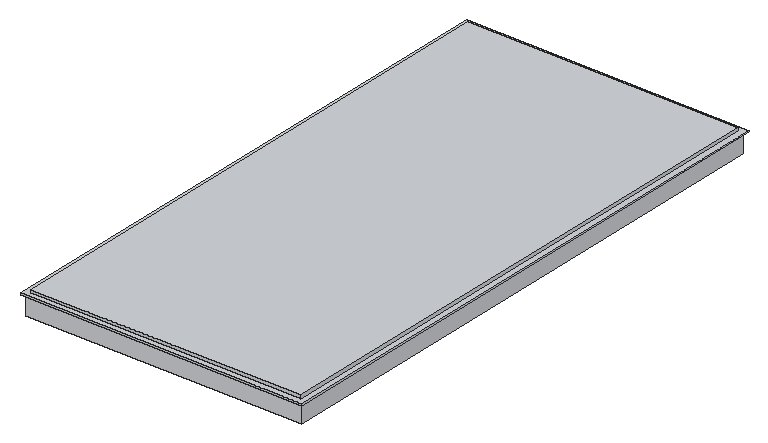
Revit family "S-1", category Air Terminals, host Face, Revit 2025
Family settings
  Host = Face
  Round Connector Dimension = Use Diameter
  Part Type = Normal
  Cut with Voids When Loaded = No
  Maintain Annotation Orientation = No
  Shared = No
  Room Calculation Point = No
Parameters
  C = 1/8"
  Width - 1/2" = Width - 1/2"  # 23 1/2"
  Width = 24"
  Length - 1/2" = Length - 1/2"  # 47 1/2"
  Length = 48"
  D [instance] = 12"
  Default Elevation = 48"
  D - 1/8 [instance] = (D / 2) - 1/8"  # 5 7/8"
Reference planes (in)
  plane 1 "Center (Front/Back)": y = 0
  plane 2: z = 0
  plane 3 "Center (Left/Right)": x = 0
  plane 4: x = -12
  plane 5: x = 12
  plane 6: y = 24
  plane 7: y = -24
  plane 8: y = 23.93648
  plane 9: z = 0.375
Forms (in)
  Sweep 1, solid
    path origin (0, 0, 0) x (1, 0, 0) y (0, 1, 0)
      loop
        line (-12, 24) -> (-12, -24) -> (12, -24) -> (12, 24) -> (-12, 24)
    profile origin (0, 24, 0) x (0, 1, 0) y (0, 0, 1)
      loop
        line (-0.40692, 0.125) -> (-0.40692, 0) -> (-0.125, 0) -> (-0.125, -1.65366) -> (0, -1.65366) -> (0, 0) -> (0.27989, 0) -> (0.27989, 0.125) -> (-0.40692, 0.125)
      loop
        line (-0.17143, -0.06633) -> (-0.73497, -0.06633) -> (-0.73497, -0.71546) -> (-1.61996, -0.71546) -> (-1.61996, -0.84046) -> (-0.60997, -0.84046) -> (-0.60997, -0.19133) -> (-0.17143, -0.19133) -> (-0.17143, -0.06633)
  Extrusion 2, solid
    sketch origin (0, 0, 0) x (1, 0, 0) y (0, 1, 0)
      loop
        line (-11.75, 23.75) -> (-11.75, -23.75) -> (11.75, -23.75) -> (11.75, 23.75) -> (-11.75, 23.75)
    from -0.59927 to 0.375
Cuts and joins
  joined: Sweep 1, Extrusion 2
Dimensions and locks (in)
  equal spacing: Sweep 1 sketch curve, plane 1 "Center (Front/Back)", Sweep 1 sketch curve
  equal spacing: Sweep 1 sketch curve, plane 3 "Center (Left/Right)", Sweep 1 sketch curve
  "Width": Sweep 1 sketch curve to Sweep 1 sketch curve
  "Length": Sweep 1 sketch curve to Sweep 1 sketch curve
  equal spacing: plane 7, plane 1 "Center (Front/Back)", plane 6
  equal spacing: plane 4, plane 3 "Center (Left/Right)", plane 5
  "Width": plane 4 to plane 5
  "Length": plane 6 to plane 7
  "C": Sweep 1 sketch curve to profile plane
  "C": Sweep 1 sketch curve to plane 2
  equal spacing: Sweep 1 sketch curve, plane 8, Sweep 1 sketch curve
  plane 9 to plane 2 = 3/8"  (x2)
  equal spacing: Extrusion 2 sketch curve, plane 1 "Center (Front/Back)", Extrusion 2 sketch curve
  equal spacing: Extrusion 2 sketch curve, plane 3 "Center (Left/Right)", Extrusion 2 sketch curve
  "Width - 1/2"": Extrusion 2 sketch curve to Extrusion 2 sketch curve
  "Length - 1/2"": Extrusion 2 sketch curve to Extrusion 2 sketch curve
  "C": Sweep 1 sketch curve to Sweep 1 sketch curve  (x2)
  aligned and locked: plane 2 to host face
  aligned and locked: level to host face
  aligned and locked: plane 9 to Extrusion 2
Automatic sketch dimensions
  host sketch curve to host sketch curve = 96"  (x2)
  Sweep 1 sketch curve to level = 0"  (x2)
  Sweep 1 sketch curve to profile plane = 0"
  Sweep 1 sketch curve to Sweep 1 sketch curve = 0.04643"
  Sweep 1 sketch curve to Sweep 1 sketch curve = 0.23548"
  Sweep 1 sketch curve to plane 8 = 0.54645"
  Sweep 1 sketch curve to level = 0.06633"
  Sweep 1 sketch curve to Sweep 1 sketch curve = 0.52413"
  Sweep 1 sketch curve to Sweep 1 sketch curve = 0.8132"
  Sweep 1 sketch curve to Sweep 1 sketch curve = 0.885"
  Sweep 1 sketch curve to Sweep 1 sketch curve = 1/8"
Connectors (in)
  hvac at (0, 0, -1.65366), driven by "Length", driven by "Width"
    settings: on cut or joined group of Sweep 1, Extrusion 2, index 1, duct flow 0 CFM, flow factor 0, pres drop 0.00 in-wg, loss coef 0, conn angle 0.00°, conn width 24", conn height 48", conn diameter 24", duct sys type 1, conn prof type 1, flow config 0, flow direction 0, loss method 0, conn ref index -1, conn util no, is conn primary yes, conn desc ""
